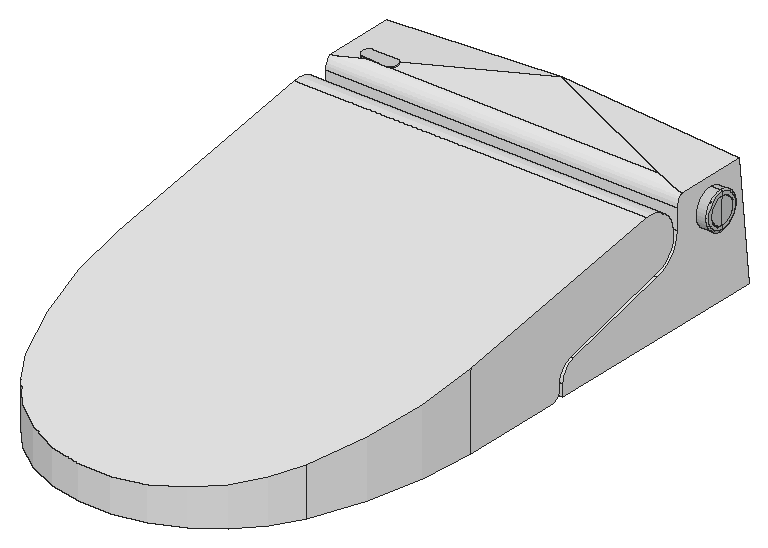
Revit family "Toilet_Seat-American_Standard-Advanced_Clean-8017A60GRC-291", category Specialty Equipment, Revit 2019
Family settings
  Round Connector Dimension = Use Diameter
  Part Type = Normal
  OmniClass Number = 23.45.05.21.14.11
  OmniClass Title = Water Closet Seats
  Work Plane-Based = Yes
  Always vertical = No
  Cut with Voids When Loaded = No
  Shared = Yes
  Room Calculation Point = No
Parameters (values of type "8017A60GRC-291")
  Width = 14 3/4"  # constant formula
  Warranty Information = "3 Year Limited Warranty"
  Voltage = 120 V  # constant formula
  URL = "https://www.americanstandard-us.com/"
  Type Comments = "Auto-Flush: Toilet automatically flushes"
  Shipping Weight = "12 kg/26>5 lbs"
  Rated Power Source = "120 VAC, 60 Hz"
  Rated Power Consumption = "1,300 W"
  Product Page URL = "https://www.americanstandard-us.com/Smart-Toilets/Advanced-Clean-100-SpaLet-Bidet-Toilet-Seat-Unit/ALABASTER-WHITE-8017A60GRC291"
  Product Documentation Link = "https://americanstandard.box.com/shared/static/iqbyft0y7gxvwt0ttwyx49qngcyuid65.pdf"
  Price = "Prices may vary. Please consult Manufacturer Representative for most up-to-date price list."  # constant formula
  Power Cord Effective Length = "39-3/8\" (1.0m)"
  Model = "8017A60GRC-291"
  Material = "Plastic-American Standard-291-Alabaster White"
  Manufacturer = "American Standard"  # constant formula
  Length = 25 1/16"  # constant formula
  Installation Type = "Surface Mounted"
  Height = 5 7/16"
  Frequency = 60 Hz  # constant formula
  Flushing Type = "Dual Flush"
  Flush Rate = "Dual Flush 1.32 - 0.92 gpf/4.9 - 3.4 Lpf"
  Finish = Plastic-American Standard-291-Alabaster White
  Description = "Advanced Clean 100 SpaLet Bidet Toilet Seat Unit"  # constant formula
  Default Elevation = 0"
  Creation Date = "02/27/2023"  # constant formula
  Assembly Code = "C1030200"
  ADA Compliant = yes
Reference planes (in)
  plane 1 "Center (Front/Back)": y = 0
  plane 2: z = 0
  plane 3 "Center (Left/Right)": x = 0
  plane 4: z = 4.0625
  plane 5: y = -25.0625
  plane 6: x = -7.375
  plane 7: x = 7.375
  plane 8 "Floor": z = -16.5625
  plane 9: z = -1.375
  plane 10: z = 0
  plane 11: y = -0.5625
Forms (in)
  Extrusion 1, solid, material "Plastic-American Standard-291-Alabaster White" <- "Finish"
    sketch origin (0, 0, 0) x (0, 1, 0) y (0, 0, 1)
      loop
        arc (-9.14147, -0.15001) -> (-9.55104, -0.41599) -> (-9.71003, -0.87773) r 0.75
        line (-9.71003, -0.87773) -> (-9.71003, -1.375) -> (0, -1.375) -> (-0.5625, 4.0625) -> (-3.15749, 3.73559)
        arc (-3.15749, 3.73559) -> (-3.54811, 3.52889) -> (-3.70437, 3.11549) r 0.625
        line (-3.70437, 3.11549) -> (-3.70437, 2.25333)
        arc (-3.70437, 2.25333) -> (-3.98865, 1.42772) -> (-4.72097, 0.95215) r 1.34102
        line (-4.72097, 0.95215) -> (-9.14147, -0.15001)
      loop
        arc (-4.82798, 1.10561) -> (-3.95623, 2.49836) -> (-5.31631, 3.42024) r 1.18357
        line (-5.31631, 3.42024) -> (-25.0625, 0) -> (-25.0625, -1.375) -> (-10.23955, -1.375)
        arc (-10.23955, -1.375) -> (-10.01163, -1.26918) -> (-9.94539, -1.02678) r 0.29836
        arc (-9.94539, -1.02678) -> (-9.84095, -0.42872) -> (-9.38304, -0.03009) r 0.90819
        line (-9.38304, -0.03009) -> (-4.82798, 1.10561)
    from -7.375 to 7.375
  Extrusion 2, void
    sketch origin (0, 0, 0) x (1, 0, 0) y (0, 1, 0)
      loop
        line (-7.375, 0) -> (-11.375, 0) -> (-11.375, -29.95816) -> (11.375, -29.95816) -> (11.375, 0) -> (7.375, 0) -> (7.375, -14.54978)
        arc (7.375, -14.54978) -> (7.00162, -17.9955) -> (5.89881, -21.28126) r 16.08594
        arc (5.89881, -21.28126) -> (-0.00009, -25.0582) -> (-5.89888, -21.28109) r 6.49483
        arc (-5.89888, -21.28109) -> (-7.00164, -17.99527) -> (-7.375, -14.54951) r 16.08716
        line (-7.375, -14.54951) -> (-7.375, 0)
    from -1.375 to 5.13591
  Revolve 3, solid, material "Chrome-American Standard-Polished"
    sketch origin (0, -2.00331, -0.20033) x (1, 0, 0) y (0, 0, 1)
      loop
        line (7.375, 2.62057) -> (7.875, 2.62057) -> (7.875, 3.15912) -> (7.7372, 3.15912) -> (7.7372, 3.19037) -> (7.875, 3.19037) -> (7.875, 3.32423)
        arc (7.875, 3.32423) -> (7.8576, 3.36624) -> (7.81558, 3.38365) r 0.05942
        line (7.81558, 3.38365) -> (7.375, 3.38365) -> (7.375, 2.62057)
      axis (7.375, 2.62057) -> (7.875, 2.62057)
    angle from 0 to 360
  Extrusion 4, void
    sketch origin (0, 0, 0) x (1, 0, 0) y (0, 0, 1)
      loop
        line (-8.02054, 5.3439) -> (-8.02054, 3.49777)
        arc (-8.02054, 3.49777) -> (0, 4.0625) -> (8.02054, 3.49777) r 57.23777
        line (8.02054, 3.49777) -> (8.02054, 5.3439) -> (-8.02054, 5.3439)
    from 0.43442 to 3.70437
  Extrusion 5, solid, material "Chrome-American Standard-Polished"
    sketch origin (0.19394, 0.40207, 0.36678) x (1, 0, 0) y (0, 0.992546, 0.121869)
      loop
        line (-6.44288, -3.11493) -> (-5.4524, -3.11493)
        arc (-5.4524, -3.11493) -> (-5.2024, -2.86493) -> (-5.4524, -2.61493) r 0.25
        line (-5.4524, -2.61493) -> (-6.44288, -2.61493)
        arc (-6.44288, -2.61493) -> (-6.69288, -2.86493) -> (-6.44288, -3.11493) r 0.25
    from 3.44826 to 3.78136
Cuts and joins
  Extrusion 2, Extrusion 4 cuts Extrusion 1
Lines and regions (in)
  Masking region 1
    outline origin (0, 0, 0) x (1, 0, 0) y (0, 1, 0)
      loop
        line (-7.375, 0) -> (-7.375, -14.54951)
        arc (-7.375, -14.54951) -> (-7.00164, -17.99527) -> (-5.89888, -21.28109) r 16.08716
        arc (-5.89888, -21.28109) -> (-0.00009, -25.0582) -> (5.89881, -21.28126) r 6.49483
        arc (5.89881, -21.28126) -> (7.00162, -17.9955) -> (7.375, -14.54978) r 16.08594
        line (7.375, -14.54978) -> (7.375, -2.76739) -> (7.81347, -2.76739)
        arc (7.81347, -2.76739) -> (7.85698, -2.74936) -> (7.875, -2.70586) r 0.06153
        line (7.875, -2.70586) -> (7.875, -1.30174)
        arc (7.875, -1.30174) -> (7.85669, -1.25754) -> (7.8125, -1.23924) r 0.0625
        line (7.8125, -1.23924) -> (7.375, -1.23924) -> (7.375, 0) -> (-7.375, 0)
  symbolic lines, detail levels fine
    curve 1: line (-7.375, -3.93074, 0) -> (7.375, -3.93074, 0)
    curve 4: line (-5.25846, -2.6542, 0) -> (-6.24894, -2.6542, 0)
    curve 5: spline (-6.24894, -2.6542, 0) -> (-6.31365, -2.66265, 0) -> (-6.37394, -2.68744, 0) -> (-6.42572, -2.72687, 0) -> (-6.46545, -2.77826, 0) -> (-6.49042, -2.83811, 0) -> (-6.49894, -2.90233, 0) -> (-6.49042, -2.96655, 0) -> (-6.46545, -3.0264, 0) -> (-6.42572, -3.07779, 0) -> (-6.37394, -3.11722, 0) -> (-6.31365, -3.14201, 0) -> (-6.24894, -3.15047, 0)
    curve 6: line (-6.24894, -3.15047, 0) -> (-5.25846, -3.15047, 0)
    curve 7: spline (-5.25846, -3.15047, 0) -> (-5.19375, -3.14201, 0) -> (-5.13346, -3.11722, 0) -> (-5.08168, -3.07779, 0) -> (-5.04195, -3.0264, 0) -> (-5.01698, -2.96655, 0) -> (-5.00846, -2.90233, 0) -> (-5.01698, -2.83811, 0) -> (-5.04195, -2.77826, 0) -> (-5.08168, -2.72687, 0) -> (-5.13346, -2.68744, 0) -> (-5.19375, -2.66265, 0) -> (-5.25846, -2.6542, 0)
  symbolic lines, detail levels medium+fine
    curve 2: line (-7.375, -0.51314, 0) -> (7.375, -0.51314, 0)
    curve 3: line (7.375, -1.23924, 0) -> (7.375, -2.76639, 0)
Dimensions and locks (in)
  equal spacing: plane 6, plane 3 "Center (Left/Right)", plane 7
  plane 6 to plane 7 = 14 3/4"
  "Length": plane 1 "Center (Front/Back)" to plane 5
  plane 4 to plane 8 "Floor" = 20 5/8"
  plane 9 to plane 8 "Floor" = 15 3/16"
  plane 8 "Floor" to plane 10 = 16 9/16"
  plane 11 to plane 1 "Center (Front/Back)" = 9/16"
  level to plane 9 = 1 3/8"
  "Height": plane 4 to plane 9
  aligned and locked: level to plane 2
  aligned and locked: Extrusion 2 sketch curve to plane 6
  aligned and locked: plane 7 to Extrusion 2 sketch curve
  aligned and locked: Extrusion 1 to plane 7
  aligned and locked: Extrusion 1 to plane 6
Automatic sketch dimensions
  plane 1 "Center (Front/Back)" to Extrusion 2 sketch curve = 0"  (x2)
  Extrusion 2 sketch curve to plane 6 = 1 43/128"
  Extrusion 2 sketch curve to Extrusion 2 sketch curve = 4"
  plane 3 "Center (Left/Right)" to Extrusion 2 sketch curve = 0"
  Extrusion 2 sketch curve to plane 7 = 1.33716"
  Extrusion 2 sketch curve to plane 7 = 4"
  plane 5 to Extrusion 2 sketch curve = 10.51299"
  Extrusion 2 sketch curve to Extrusion 2 sketch curve = 0.00027"
  plane 5 to Extrusion 2 sketch curve = 6.49913"
  Extrusion 2 sketch curve to plane 5 = 4.89566"
  Extrusion 2 sketch curve to Extrusion 2 sketch curve = 0"
  plane 7 to Revolve 3 sketch curve = 0"  (x2)
  Revolve 3 sketch curve to plane 7 = 0.3622"
  Revolve 3 sketch curve to Revolve 3 sketch curve = 0.07838"
  Revolve 3 sketch curve to Revolve 3 sketch curve = 0.1378"
  Revolve 3 sketch curve to Revolve 3 sketch curve = 0"  (x2)
  Revolve 3 sketch curve to Revolve 3 sketch curve = 0.53855"
  Revolve 3 sketch curve to Revolve 3 sketch curve = 1/32"
  Revolve 3 sketch curve to Revolve 3 sketch curve = 0.13386"
  Revolve 3 sketch curve to Revolve 3 sketch curve = 1/4"
  Revolve 3 sketch curve to plane 4 = 1.64226"
  Extrusion 1 sketch curve to plane 5 = 0"
  Extrusion 1 sketch curve to plane 9 = 0"  (x2)
  Extrusion 1 sketch curve to plane 4 = 0"
  Extrusion 1 sketch curve to plane 11 = 0"
  Extrusion 1 sketch curve to plane 1 "Center (Front/Back)" = 0"
  Extrusion 1 sketch curve to level = 0"
  plane 9 to Extrusion 1 sketch curve = 0.29836"
  plane 11 to Extrusion 1 sketch curve = 9.67705"
  Extrusion 1 sketch curve to Extrusion 1 sketch curve = 0.52952"
  Extrusion 1 sketch curve to level = 0.03009"
  Extrusion 1 sketch curve to Extrusion 1 sketch curve = 0.32699"
  Extrusion 1 sketch curve to level = 0.15001"
  Extrusion 1 sketch curve to Extrusion 1 sketch curve = 0.24157"
  Extrusion 1 sketch curve to Extrusion 1 sketch curve = 0.66006"
  Extrusion 1 sketch curve to Extrusion 1 sketch curve = 0.08994"
  Extrusion 1 sketch curve to plane 4 = 0.64226"
  plane 11 to Extrusion 1 sketch curve = 4.75381"
  Extrusion 1 sketch curve to Extrusion 1 sketch curve = 0.202"
  Extrusion 1 sketch curve to Extrusion 1 sketch curve = 0.06892"
  level to Extrusion 1 sketch curve = 1.10561"
  Extrusion 1 sketch curve to Extrusion 1 sketch curve = 0.21741"
  level to Extrusion 1 sketch curve = 0.95215"
  Extrusion 1 sketch curve to Extrusion 1 sketch curve = 0.10701"
  Extrusion 1 sketch curve to Extrusion 1 sketch curve = 1.34102"
  Extrusion 1 sketch curve to plane 4 = 0.32691"
  Extrusion 1 sketch curve to Extrusion 1 sketch curve = 35/64"
  Extrusion 1 sketch curve to Extrusion 1 sketch curve = 5/8"
  Extrusion 1 sketch curve to Extrusion 1 sketch curve = 0.00273"
  plane 3 "Center (Left/Right)" to Extrusion 4 sketch curve = 0"
  Extrusion 4 sketch curve to plane 6 = 0.64554"
  Extrusion 4 sketch curve to plane 8 "Floor" = 36.61277"
  plane 4 to Extrusion 4 sketch curve = 1.2814"
  Extrusion 4 sketch curve to plane 4 = 0.56473"  (x2)
  Masking region 1 sketch curve to plane 6 = 0"
  Masking region 1 sketch curve to plane 7 = 0"  (x2)
  plane 1 "Center (Front/Back)" to Masking region 1 sketch curve = 0"
  Masking region 1 sketch curve to plane 6 = 1 43/128"
  plane 3 "Center (Left/Right)" to Masking region 1 sketch curve = 0"
  Masking region 1 sketch curve to plane 7 = 7/16"
  Masking region 1 sketch curve to Masking region 1 sketch curve = 0.43847"
  Masking region 1 sketch curve to Masking region 1 sketch curve = 1/16"
  Masking region 1 sketch curve to plane 7 = 1.33716"
  plane 11 to Masking region 1 sketch curve = 0.67674"
  Masking region 1 sketch curve to Masking region 1 sketch curve = 1.40412"
  plane 5 to Masking region 1 sketch curve = 10.51299"
  Masking region 1 sketch curve to Masking region 1 sketch curve = 0.00027"
  plane 5 to Masking region 1 sketch curve = 6.49913"
  Masking region 1 sketch curve to Masking region 1 sketch curve = 0"
  curve 2 to plane 6 = 0"
  curve 1 to plane 6 = 0"
  curve 2 to plane 7 = 0"
  curve 3 to plane 7 = 0"
  curve 1 to plane 7 = 0"
  plane 11 to curve 1 = 3.36824"
  curve 1 to curve 3 = 1.16435"
  plane 11 to curve 3 = 0.67674"
  curve 2 to plane 11 = 0.04936"
  plane 6 to Extrusion 5 sketch curve = 1.12606"
  Extrusion 5 sketch curve to Extrusion 5 sketch curve = 0.99048"
  Extrusion 5 sketch curve to Extrusion 5 sketch curve = 1/4"
  plane 6 to curve 4 = 1.12606"
  curve 4 to curve 4 = 0.99048"
  curve 1 to curve 6 = 0.78027"
  curve 6 to curve 4 = 0.49627"
  curve 5 to curve 5 = 1/4"
  curve 7 to curve 7 = 1/4"
